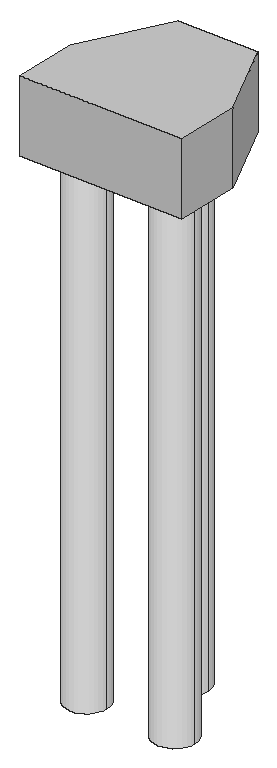
Revit family "145b568b2610467c81e0ea720fb3e56b", category Structural Foundations, Revit 2021
Family settings
  Material for Model Behavior = Concrete
  Cap = No
  OmniClass Number = 23.25.05.11
  OmniClass Title = Foundation Piles
  Seek Item ID = Pile Cap-3 Pile-0000-USA-ENU
  Work Plane-Based = No
  Always vertical = Yes
  Cut with Voids When Loaded = No
  Shared = No
Parameters (values of type "71"x79"x35"")
  Width Indent = 1' - 8"
  Width = 6' - 7"
  Structural Material [instance] = Concrete, Cast-in-Place gray
  Pile Type = Pile-Steel Pipe : 20" Diameter
  Length 1 = 2' - 7"
  Length = 5' - 11"
  Foundation Thickness = 2' - 11"
  Distance 1 = 1 / 3 * (Length - 2 * Clearance)  # 0' - 11.66667"
  Cut-off = 0' - 6"
  Clearance = 1' - 6"
  Assembly Code = "A1010130"
Reference planes (in)
  plane 1 "Center (Front/Back)": y = 0
  plane 2: z = 0
  plane 3 "Center (Left/Right)": x = 0
  plane 4: z = -35
  plane 5: y = 41.33333
  plane 6: x = -39.5
  plane 7: x = 39.5
  plane 8: x = -19.5
  plane 9: y = -11.66667
  plane 10: z = -29
  plane 11: x = 19.5
  plane 12: x = -21.5
  plane 13: x = 21.5
  plane 14: y = 1.33333
  plane 15: y = 23.33333
  plane 16: y = -29.66667
Forms (in)
  Extrusion 1, solid, material "Concrete, Cast-in-Place gray" <- "Structural Material"
    sketch origin (0, 0, 0) x (1, 0, 0) y (0, 1, 0)
      loop
        line (-19.5, 41.33333) -> (-39.5, 1.33333) -> (-39.5, -29.66667) -> (39.5, -29.66667) -> (39.5, 1.33333) -> (19.5, 41.33333) -> (-19.5, 41.33333)
    from -35 to 0
Dimensions and locks (in)
  "Foundation Thickness": plane 2 to plane 4
  equal spacing: plane 6, plane 3 "Center (Left/Right)", plane 7  (x2)
  "Width": plane 6 to plane 7
  plane 8 to plane 3 "Center (Left/Right)" = 1' - 7 1/2"
  "Width Indent": plane 6 to plane 8
  "Cut-off": plane 4 to plane 10
  "Width Indent": plane 11 to plane 7
  "Clearance": plane 6 to plane 12
  "Clearance": plane 13 to plane 7
  "Distance 1": plane 9 to plane 1 "Center (Front/Back)"
  "Clearance": plane 15 to plane 5
  "Clearance": plane 9 to plane 16
  "Length 1": plane 14 to plane 16
  "Length": plane 5 to plane 16
  aligned and locked: plane 6 to Extrusion 1 sketch curve
  aligned and locked: Extrusion 1 sketch curve to plane 5
  aligned and locked: Extrusion 1 sketch curve to plane 7
  aligned and locked: plane 14 to Extrusion 1 sketch curve  (x2)
  aligned and locked: plane 8 to Extrusion 1 sketch curve
  aligned and locked: plane 11 to Extrusion 1 sketch curve
  aligned and locked: plane 4 to Extrusion 1
  aligned and locked: level to Extrusion 1
  aligned and locked: Extrusion 1 to plane 16
  aligned and locked: plane 15 to nested 1
  aligned and locked: plane 3 "Center (Left/Right)" to nested 1
  aligned and locked: plane 12 to nested 2
  aligned and locked: plane 9 to nested 2
  aligned and locked: plane 13 to nested 3
  aligned and locked: plane 9 to nested 3
  aligned and locked: plane 10 to nested 2
  aligned and locked: plane 10 to nested 1
  aligned and locked: plane 10 to nested 3
Automatic sketch dimensions
  plane 9 to Extrusion 1 sketch curve = 1' - 6"
Nested families (in)
  nested 1: "Pile-Steel Pipe" at (0, 23.33333, -35), type <- "Pile Type", type "20" Diameter"
    with Structural Material Steel ASTM A572
  nested 2: "Pile-Steel Pipe" at (-21.5, -11.66667, -35), type <- "Pile Type", type "20" Diameter"
    with Structural Material Steel ASTM A572
  nested 3: "Pile-Steel Pipe" at (21.5, -11.66667, -35), type <- "Pile Type", type "20" Diameter"
    with Structural Material Steel ASTM A572
Definition of nested family "Pile-Steel Pipe"
  Parameters (values of type "8" Diameter")
    Structural Material [instance] = none
    Radius = Diameter / 2  # 0' - 4"
    Minimum Embedment = 0' - 6"
    Diameter = 0' - 8"
    Depth = 20' - 0"
    Assembly Code = "A1020130"
  Types (7): name | Radius | Diameter
    (no name) | 0' - 4" | 0' - 8"
    12" Diameter | 0' - 6" | 1' - 0"
    24" Diameter | 1' - 0" | 2' - 0"
    10" Diameter | 0' - 5" | 0' - 10"
    16" Diameter | 0' - 8" | 1' - 4"
    20" Diameter | 0' - 10" | 1' - 8"
    8" Diameter | 0' - 4" | 0' - 8"
  Reference planes (in)
    plane 1 "Center (Front/Back)": y = 0
    plane 2: z = 0
    plane 3 "Center (Left/Right)": x = 0
    plane 4: z = -240
    plane 5: z = 6
  Forms (in)
    Extrusion 1, solid, material <- "Structural Material"
      sketch origin (0, 0, 0) x (1, 0, 0) y (0, 1, 0)
        loop
          circle (0, 0) r 4
      from -240 to 6
  Dimensions and locks (in)
    "Depth": plane 2 to plane 4
    "Minimum Embedment": plane 5 to plane 2
    "Radius": radius of Extrusion 1 sketch curve
    aligned and locked: Extrusion 1 to plane 4
    aligned and locked: Extrusion 1 to plane 5
  Automatic sketch dimensions
    Extrusion 1 sketch curve to plane 1 "Center (Front/Back)" = 0' - 0"
    Extrusion 1 sketch curve to plane 3 "Center (Left/Right)" = 0' - 0"
